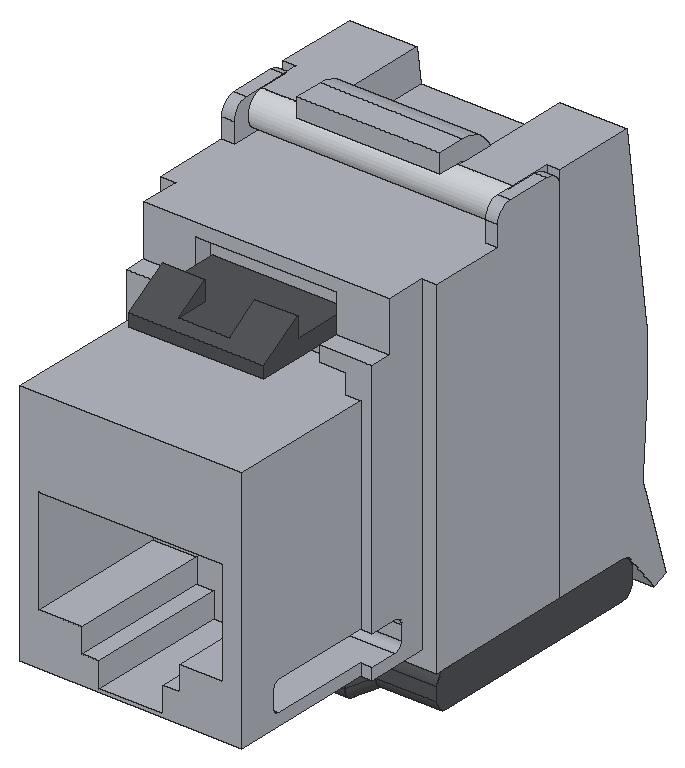
Revit family "RJ45 STP_FRA", category Equipement spécialisé, Revit 2020
Family settings
  Cote de connecteur circulaire = Utiliser le diamètre
  Type d'élément = Normal
  Basée sur le plan de construction = Non
  Toujours verticalement = Oui
  Couper avec des vides une fois chargée = Non
  Partagée = Oui
  Point de calcul de pièce = Non
Parameters (values of type "Connecteur RJ45 Catégorie 6A STP (lot de 24)")
  Type de connecteur = "RJ45"
  Température de stockage = "-10_à_70"
  Température de fonctionnement = "-10_à_60"
  Section AWG = "23-26"
  Référence Legrand = "632905"
  Profondeur = 34 mm
  Lien e-catalogue = "https://www.legrand.fr/reference/632905/pro"
  Libellé BIM = "Connecteur RJ45 Catégorie 6A STP (lot de 24)"
  Largeur (mm) = 18 mm
  IP = "IP20"
  IK = "IK04"
  Hauteur = 31 mm
  Fonction = "Prises murales RJ45"
  Elévation par défaut = 0 mm
  EAN = "3414972227216"
  Diamètre max du câble en entrée = "9MM"
  Couleur = IDS_ARGENT
  Classe ETIM = "EC001121"
  Catégorie = "6A"
  Blindé = yes
Types (3, lengths in mm): name | Référence Legrand | Lien e-catalogue | Libellé BIM | EAN | Catégorie
  Connecteur RJ45 Catégorie 6A STP (lot de 24) | "632905" | "https://www.legrand.fr/reference/632905/pro" | "Connecteur RJ45 Catégorie 6A STP (lot de 24)" | "3414972227216" | "6A"
  Connecteur RJ45 Catégorie 6 STP (lot de 24) | "632907" | "https://www.legrand.fr/reference/632907/pro" | "Connecteur RJ45 Catégorie 6 STP (lot de 24)" | "3414972227254" | "6"
  Connecteur RJ45 Catégorie 5e STP (lot de 24) | "632910" | "https://www.legrand.fr/reference/632910/pro" | "Connecteur RJ45 Catégorie 5e STP (lot de 24)" | "3414972227315" | "5e"
Reference planes
  plane 1 "Centre (avant/arrière)": y = 106
  plane 2: z = 0
  plane 3: x = 0
  plane 4: z = 16.075
  plane 5: x = 14.47
  plane 6: y = 115.65
  plane 7: x = 1.24
  plane 8: x = 13.23
  plane 9: z = 10.32
  plane 10: z = 3.44
  plane 11: z = 0.2
  plane 12: x = 5.16
  plane 13: x = 9.31
  plane 14: z = 1.86
  plane 15: x = 4.06
  plane 16: x = 10.41
  plane 17: y = 119.65
  plane 18: z = 21.675
  plane 19: z = -1
  plane 20: y = 117.05
  plane 21: z = 18.375
  plane 22: x = -0.765
  plane 23: x = 15.235
  plane 24: x = 7.235
  plane 25: z = 24
  plane 26: y = 129.65
  plane 27: y = 124.65
  plane 28: x = -1.765
  plane 29: x = 16.235
  plane 30: x = -0.94
  plane 31: x = 15.41
  plane 32: x = 7.235
  plane 33: z = 25.375
  plane 34: z = 24.125
  plane 35: y = 125.35
  plane 36: y = 126.85
  plane 37: z = 22.9
  plane 38: y = 131.35
  plane 39: y = 127.35
  plane 40: z = -4.8
  plane 41: y = 128.15
  plane 42: z = 22.875
  plane 43: y = 126.85
  plane 44: y = 136.75
  plane 45: z = 12.175
  plane 46: z = 8
  plane 47: y = 136.35
  plane 48: z = 3.25
  plane 49: y = 138.3
  plane 50: z = -3.3
  plane 51: y = 137.3
  plane 52: z = -3.7
  plane 53: y = 123.65
  plane 54: z = 10.5
  plane 55: z = -3.44
  plane 56: y = 135.55
  plane 57: z = -3.44
  plane 58: y = 135.55
  plane 59: z = -4.8
  plane 60: y = 108.5
  plane 61: z = 18.2
  plane 62: z = 19.4
  plane 63: y = 114.05
  plane 64: y = 111.35
  plane 65: z = 20.7
  plane 66: y = 113.65
  plane 67: z = 19
  plane 68: y = 114.2
  plane 69: z = -1.5
  plane 70: y = 111.3
Forms (mm)
  Extrusion 1, solid, material "IDS_ARGENT" <- "Couleur"
    sketch origin (0, 106, 0) x (1, 0, 0) y (0, 0, 1)
      loop
        line (0, 0) -> (14.47, 0) -> (14.47, 16.075) -> (0, 16.075) -> (0, 0)
    from 0 to -9.65
  Extrusion 2, void
    sketch origin (0, 106, 0) x (-1, 0, 0) y (0, 0, 1)
      loop
        line (-1.24, 3.44) -> (-1.24, 10.32) -> (-13.23, 10.32) -> (-13.23, 3.44) -> (-10.41, 3.44) -> (-10.41, 1.86) -> (-9.31, 1.86) -> (-9.31, 0.2) -> (-5.16, 0.2) -> (-5.16, 1.86) -> (-4.06, 1.86) -> (-4.06, 3.44) -> (-1.24, 3.44)
    from 0 to 9.3
  Extrusion 3, solid, material "IDS_ARGENT" <- "Couleur"
    sketch origin (-0.765, -1524, -4.284) x (0, 0, -1) y (0, -1, 0)
      loop
        line (-4.284, -1639.65) -> (-22.659, -1639.65) -> (-22.659, -1641.05) -> (-25.959, -1641.05) -> (-25.959, -1643.65) -> (-4.284, -1643.65) -> (-4.284, -1639.65)
    from 0 to -16
  Extrusion 4, void
    sketch origin (-27.014, 115.65, 1200) x (1, 0, 0) y (0, 0, 1)
      loop
        line (27.949, -1183.925) -> (40.549, -1183.925) -> (40.549, -1182.625) -> (38.849, -1182.625) -> (38.849, -1179.125) -> (29.649, -1179.125) -> (29.649, -1182.625) -> (27.949, -1182.625) -> (27.949, -1183.925)
    from 0 to -2.5
  Extrusion 5, solid, material "IDS_ARGENT" <- "Couleur"
    sketch origin (-1.765, -1524, -2.503) x (0, 0, -1) y (0, -1, 0)
      loop
        line (-1.503, -1653.65) -> (-1.503, -1643.65) -> (-24.178, -1643.65) -> (-24.178, -1648.65) -> (-25.503, -1648.65)
        arc (-25.503, -1648.65) -> (-26.21, -1648.943) -> (-26.503, -1649.65) r 1
        line (-26.503, -1649.65) -> (-26.503, -1652.65)
        arc (-26.503, -1652.65) -> (-26.21, -1653.357) -> (-25.503, -1653.65) r 1
        line (-25.503, -1653.65) -> (-1.503, -1653.65)
    from 0 to -18
  Extrusion 6, void
    sketch origin (0, 124.65, 27.667) x (0, 0, -1) y (-1, 0, 0)
      loop
        line (5.992, 0.94) -> (3.667, 0.94) -> (3.667, -15.41) -> (5.992, -15.41) -> (5.992, 0.94)
    from 0 to 5
  Extrusion 7, solid, material "IDS_ARGENT" <- "Couleur"
    sketch origin (7.235, -1524, 28.784) x (0, 0, 1) y (0, -1, 0)
      loop
        line (-7.109, -1650.85) -> (-7.109, -1653.65) -> (-5.809, -1653.65)
        arc (-5.809, -1653.65) -> (-4.112, -1652.947) -> (-3.409, -1651.25) r 2.4
        line (-3.409, -1651.25) -> (-3.409, -1649.35) -> (-4.659, -1649.35) -> (-4.659, -1650.85)
        arc (-4.659, -1650.85) -> (-5.884, -1652.075) -> (-7.109, -1650.85) r 1.225
    from -4.65 to 4.65
  Extrusion 8, solid, material "IDS_ARGENT" <- "Couleur"
    sketch origin (7.235, -1524, 28.784) x (0, 0, 1) y (0, -1, 0)
      loop
        line (-28.784, -1655.35) -> (-28.784, -1651.35) -> (-32.824, -1651.405)
        arc (-32.824, -1651.405) -> (-33.277, -1651.703) -> (-33.584, -1652.15) r 1.4
        line (-33.584, -1652.15) -> (-33.584, -1654.85)
        arc (-33.584, -1654.85) -> (-33.437, -1655.204) -> (-33.084, -1655.35) r 0.5
        line (-33.084, -1655.35) -> (-28.784, -1655.35)
    from -5 to 5
  Extrusion 9, solid
    sketch origin (7.235, -1524, 28.784) x (0, 0, 1) y (0, -1, 0)
      loop
        circle (-5.909, -1650.85) r 1.15
    from -8.175 to 8.175
  Extrusion 10, solid, material "IDS_ARGENT" <- "Couleur"
    sketch origin (7.235, -1524, 28.784) x (0, 0, 1) y (0, -1, 0)
      loop
        line (-29.784, -1653.65) -> (-29.784, -1659.2) -> (-32.484, -1661.3) -> (-32.084, -1662.3) -> (-26.482, -1660.565)
        arc (-26.482, -1660.565) -> (-26.012, -1660.46) -> (-25.534, -1660.413) r 4
        line (-25.534, -1660.413) -> (-20.73, -1660.75) -> (-17.147, -1660.75)
        arc (-17.147, -1660.75) -> (-16.613, -1660.714) -> (-16.089, -1660.608) r 4
        line (-16.089, -1660.608) -> (-4.759, -1659.1) -> (-4.759, -1650.85)
        arc (-4.759, -1650.85) -> (-5.909, -1649.7) -> (-7.059, -1650.85) r 1.15
        line (-7.059, -1650.85) -> (-7.059, -1653.65) -> (-29.784, -1653.65)
    from -9 to 9
  Extrusion 11, void
    sketch origin (-1.765, -1524, -2.503) x (0, 0, 1) y (0, -1, 0)
      loop
        line (24.228, -1653.65) -> (26.528, -1653.65) -> (26.528, -1650.85)
        arc (26.528, -1650.85) -> (25.378, -1649.7) -> (24.228, -1650.85) r 1.15
        line (24.228, -1650.85) -> (24.228, -1653.65)
    from 0.825 to 0
  Extrusion 12, void
    sketch origin (16.235, -1524, 29.162) x (0, 0, -1) y (0, -1, 0)
      loop
        line (5.137, -1650.85) -> (5.137, -1653.65) -> (7.437, -1653.65) -> (7.437, -1650.85)
        arc (7.437, -1650.85) -> (6.287, -1649.7) -> (5.137, -1650.85) r 1.15
    from 0 to 0.825
  Extrusion 13, void
    sketch origin (7.235, -1524, 28.784) x (0, 0, -1) y (0, -1, 0)
      loop
        line (4.759, -1659.1) -> (7.059, -1659.406) -> (7.059, -1650.85)
        arc (7.059, -1650.85) -> (5.909, -1652) -> (4.759, -1650.85) r 1.15
        line (4.759, -1650.85) -> (4.759, -1659.1)
    from -4.65 to 4.65
  Extrusion 14, void
    sketch origin (0, 123.65, 24.886) x (0, 0, -1) y (-1, 0, 0)
      loop
        circle (14.386, -7.235) r 4.9
    from 0 to 26.097
  Extrusion 15, solid, material "IDS_ARGENT" <- "Couleur"
    sketch origin (7.235, -1524, 28.784) x (0, 0, 1) y (0, -1, 0)
      loop
        line (-29.784, -1655.35) -> (-33.384, -1655.35) -> (-34.205, -1660.007)
        arc (-34.205, -1660.007) -> (-33.951, -1660.533) -> (-33.371, -1660.46) r 0.5
        line (-33.371, -1660.46) -> (-29.784, -1657.114) -> (-29.784, -1655.35)
    from -5 to 5
  Extrusion 16, solid, material "IDS_NOIR"
    sketch origin (2.235, -1524, 28.784) x (0, 0, -1) y (0, -1, 0)
      loop
        line (32.224, -1658.75) -> (32.224, -1644.45)
        arc (32.224, -1644.45) -> (31.989, -1643.884) -> (31.424, -1643.65) r 0.8
        line (31.424, -1643.65) -> (30.584, -1643.65)
        arc (30.584, -1643.65) -> (30.018, -1643.884) -> (29.784, -1644.45) r 0.8
        line (29.784, -1644.45) -> (29.784, -1658.75)
        arc (29.784, -1658.75) -> (30.018, -1659.316) -> (30.584, -1659.55) r 0.8
        line (30.584, -1659.55) -> (31.424, -1659.55)
        arc (31.424, -1659.55) -> (31.989, -1659.316) -> (32.224, -1658.75) r 0.8
    from 0 to 4
  Extrusion 17, solid, material "IDS_NOIR"
    sketch origin (12.235, -1524, 28.784) x (0, 0, -1) y (0, 1, 0)
      loop
        arc (32.224, 1658.75) -> (31.989, 1659.316) -> (31.424, 1659.55) r 0.8
        line (31.424, 1659.55) -> (30.584, 1659.55)
        arc (30.584, 1659.55) -> (30.018, 1659.316) -> (29.784, 1658.75) r 0.8
        line (29.784, 1658.75) -> (29.784, 1644.45)
        arc (29.784, 1644.45) -> (30.018, 1643.884) -> (30.584, 1643.65) r 0.8
        line (30.584, 1643.65) -> (31.424, 1643.65)
        arc (31.424, 1643.65) -> (31.989, 1643.884) -> (32.224, 1644.45) r 0.8
        line (32.224, 1644.45) -> (32.224, 1658.75)
    from 0 to 4
  Extrusion 18, solid, material "IDS_NOIR"
    sketch origin (7.235, -1524, 28.784) x (0, 0, 1) y (0, -1, 0)
      loop
        line (-29.784, -1658.75) -> (-29.784, -1657.95)
        arc (-29.784, -1657.95) -> (-30.018, -1657.384) -> (-30.584, -1657.15) r 0.8
        line (-30.584, -1657.15) -> (-31.424, -1657.15)
        arc (-31.424, -1657.15) -> (-31.989, -1657.384) -> (-32.224, -1657.95) r 0.8
        line (-32.224, -1657.95) -> (-32.224, -1658.75)
        arc (-32.224, -1658.75) -> (-31.989, -1659.316) -> (-31.424, -1659.55) r 0.8
        line (-31.424, -1659.55) -> (-30.584, -1659.55)
        arc (-30.584, -1659.55) -> (-30.018, -1659.316) -> (-29.784, -1658.75) r 0.8
    from -5 to 5
  Extrusion 19, solid, material "IDS_NOIR"
    sketch origin (7.235, -1524, 28.784) x (0, 0, 1) y (0, -1, 0)
      loop
        arc (-31.034, -1644.45) -> (-31.268, -1643.884) -> (-31.834, -1643.65) r 0.8
        line (-31.834, -1643.65) -> (-32.784, -1643.65)
        arc (-32.784, -1643.65) -> (-33.349, -1643.884) -> (-33.584, -1644.45) r 0.8
        line (-33.584, -1644.45) -> (-33.584, -1650.55)
        arc (-33.584, -1650.55) -> (-33.349, -1651.116) -> (-32.784, -1651.35) r 0.8
        line (-32.784, -1651.35) -> (-31.834, -1651.35)
        arc (-31.834, -1651.35) -> (-31.268, -1651.116) -> (-31.034, -1650.55) r 0.8
        line (-31.034, -1650.55) -> (-31.034, -1644.45)
    from -3 to 3
  SweptBlend 20, solid, material "IDS_NOIR"
    path origin (7.235, 119.65, -4) x (0, 0, 1) y (-1, 0, 0)
      loop
        line (0.95, 3) -> (0.95, 5)
    profile origin (4.235, 119.65, -3.05) x (0, 0, -1) y (0, -1, 0)
      loop
        line (-0.8, -0.8) -> (-0.8, -6.9)
        arc (-0.8, -6.9) -> (-0.566, -7.466) -> (0, -7.7) r 0.8
        line (0, -7.7) -> (0.95, -7.7)
        arc (0.95, -7.7) -> (1.516, -7.466) -> (1.75, -6.9) r 0.8
        line (1.75, -6.9) -> (1.75, -0.8)
        arc (1.75, -0.8) -> (1.516, -0.234) -> (0.95, 0) r 0.8
        line (0.95, 0) -> (0, 0)
        arc (0, 0) -> (-0.566, -0.234) -> (-0.8, -0.8) r 0.8
    end profile origin (2.235, 119.65, -3.05) x (0, 0, -1) y (0, -1, 0)
      loop
        line (-0.41, 0) -> (-1.25, 0)
        arc (-1.25, 0) -> (-1.816, -0.234) -> (-2.05, -0.8) r 0.8
        line (-2.05, -0.8) -> (-2.05, -6.9)
        arc (-2.05, -6.9) -> (-1.816, -7.466) -> (-1.25, -7.7) r 0.8
        line (-1.25, -7.7) -> (-0.41, -7.7)
        arc (-0.41, -7.7) -> (0.156, -7.466) -> (0.39, -6.9) r 0.8
        line (0.39, -6.9) -> (0.39, -0.8)
        arc (0.39, -0.8) -> (0.156, -0.234) -> (-0.41, 0) r 0.8
  SweptBlend 21, solid, material "IDS_NOIR"
    path origin (7.235, 119.65, -4) x (0, 0, 1) y (-1, 0, 0)
      loop
        line (0.886, -3) -> (0.886, -5)
    profile origin (10.235, 119.65, -3.114) x (0, 0, 1) y (0, -1, 0)
      loop
        line (-1.686, -0.8) -> (-1.686, -6.9)
        arc (-1.686, -6.9) -> (-1.452, -7.466) -> (-0.886, -7.7) r 0.8
        line (-0.886, -7.7) -> (0.064, -7.7)
        arc (0.064, -7.7) -> (0.629, -7.466) -> (0.864, -6.9) r 0.8
        line (0.864, -6.9) -> (0.864, -0.8)
        arc (0.864, -0.8) -> (0.629, -0.234) -> (0.064, 0) r 0.8
        line (0.064, 0) -> (-0.886, 0)
        arc (-0.886, 0) -> (-1.452, -0.234) -> (-1.686, -0.8) r 0.8
    end profile origin (12.235, 119.65, -3.114) x (0, 0, 1) y (0, -1, 0)
      loop
        arc (0.474, 0) -> (-0.092, -0.234) -> (-0.326, -0.8) r 0.8
        line (-0.326, -0.8) -> (-0.326, -6.9)
        arc (-0.326, -6.9) -> (-0.092, -7.466) -> (0.474, -7.7) r 0.8
        line (0.474, -7.7) -> (1.314, -7.7)
        arc (1.314, -7.7) -> (1.879, -7.466) -> (2.114, -6.9) r 0.8
        line (2.114, -6.9) -> (2.114, -0.8)
        arc (2.114, -0.8) -> (1.879, -0.234) -> (1.314, 0) r 0.8
        line (1.314, 0) -> (0.474, 0)
  Extrusion 22, void
    sketch origin (14.47, 106, 0) x (0, 0, -1) y (0, -1, 0)
      loop
        arc (-0.75, -3.03) -> (-0.896, -2.676) -> (-1.25, -2.53) r 0.5
        line (-1.25, -2.53) -> (-2.225, -2.53)
        arc (-2.225, -2.53) -> (-2.579, -2.676) -> (-2.725, -3.03) r 0.5
        line (-2.725, -3.03) -> (-2.725, -11.53)
        arc (-2.725, -11.53) -> (-2.579, -11.884) -> (-2.225, -12.03) r 0.5
        line (-2.225, -12.03) -> (-1.25, -12.03)
        arc (-1.25, -12.03) -> (-0.896, -11.884) -> (-0.75, -11.53) r 0.5
        line (-0.75, -11.53) -> (-0.75, -3.03)
    from -0.765 to 2.76
  Extrusion 23, void
    sketch origin (0, 106, 0) x (0, 0, -1) y (0, 1, 0)
      loop
        line (-0.75, 3) -> (-0.75, 11.5)
        arc (-0.75, 11.5) -> (-0.896, 11.854) -> (-1.25, 12) r 0.5
        line (-1.25, 12) -> (-2.225, 12)
        arc (-2.225, 12) -> (-2.579, 11.854) -> (-2.725, 11.5) r 0.5
        line (-2.725, 11.5) -> (-2.725, 3)
        arc (-2.725, 3) -> (-2.579, 2.646) -> (-2.225, 2.5) r 0.5
        line (-2.225, 2.5) -> (-1.25, 2.5)
        arc (-1.25, 2.5) -> (-0.896, 2.646) -> (-0.75, 3) r 0.5
    from -0.765 to 2.76
  Extrusion 24, solid, material "IDS_NOIR"
    sketch origin (7.235, -1524, 28.784) x (0, 0, 1) y (0, -1, 0)
      loop
        line (-10.584, -1642.15) -> (-9.384, -1642.15) -> (-9.384, -1638.05) -> (-8.084, -1638.05) -> (-9.784, -1635.35) -> (-10.584, -1635.35) -> (-10.584, -1642.15)
    from -4.4 to 4.4
  Extrusion 25, void
    sketch origin (7.235, 118.15, 19.4) x (1, 0, 0) y (0, -1, 0)
      loop
        line (-1.65, 6.8) -> (-1.65, 4.1) -> (1.65, 4.1) -> (1.65, 6.8) -> (-1.65, 6.8)
    from -1.3 to 0
  Extrusion 26, solid, material "IDS_ARGENT" <- "Couleur"
    sketch origin (7.235, -1524, 28.784) x (0, 0, 1) y (0, -1, 0)
      loop
        line (-28.784, -1638.2) -> (-28.784, -1635.3) -> (-30.284, -1638.2) -> (-28.784, -1638.2)
    from -5.25 to 5.25
Cuts and joins
  Extrusion 2, Extrusion 4, Extrusion 14, Extrusion 22, Extrusion 23 cuts Extrusion 1
  Extrusion 4, Extrusion 14, Extrusion 22, Extrusion 23 cuts Extrusion 3
  Extrusion 6, Extrusion 22, Extrusion 23 cuts Extrusion 5
  joined: Extrusion 1, Extrusion 3, Extrusion 5, Extrusion 26
  Extrusion 11, Extrusion 13 cuts Extrusion 9
  Extrusion 11, Extrusion 12, Extrusion 13, Extrusion 14 cuts Extrusion 10
  joined: Extrusion 16, Extrusion 17, Extrusion 18, Extrusion 19
  joined: SweptBlend 20, SweptBlend 21
  Extrusion 25 cuts Extrusion 24
Dimensions and locks
  locked: plane 4 to level at 16.075
  locked: plane 5 to plane 3 at 14.47
  locked: plane 1 "Centre (avant/arrière)" to plane 6 at 9.65
  plane 7 to plane 3 = 1.24 mm
  plane 5 to plane 8 = 1.24 mm
  plane 11 to level = 0.2 mm
  plane 15 to plane 7 = 2.82 mm
  plane 8 to plane 16 = 2.82 mm
  plane 12 to plane 15 = 1.1 mm
  plane 16 to plane 13 = 1.1 mm
  plane 14 to plane 11 = 1.66 mm
  plane 10 to plane 14 = 1.58 mm
  plane 9 to plane 10 = 6.88 mm
  plane 17 to plane 6 = 4 mm
  locked: plane 18 to plane 4 at 5.6
  plane 21 to plane 4 = 2.3 mm
  plane 20 to plane 6 = 1.4 mm
  locked: plane 22 to plane 3 at 0.765
  locked: plane 5 to plane 23 at 0.765
  equal spacing: plane 22, plane 24, plane 23
  equal spacing: Extrusion 4 sketch curve, plane 24, Extrusion 4 sketch curve  (x2)
  Extrusion 4 sketch curve to Extrusion 4 sketch curve to plane 4 = 3.5 mm, 1.3 mm
  plane 24 to Extrusion 4 sketch curve = 6.3 mm
  plane 24 to Extrusion 4 sketch curve = 4.6 mm
  locked: level to plane 19 at 1
  plane 26 to plane 17 = 10 mm
  plane 26 to plane 27 = 5 mm
  locked: plane 28 to plane 22 at 1
  locked: plane 29 to plane 23 at 1
  plane 28 to plane 30 = 0.825 mm
  plane 29 to plane 31 = 0.825 mm
  plane 25 to plane 18 = 2.325 mm
  equal spacing: plane 28, plane 32, plane 29, locked at 9 each
  plane 33 to plane 18 = 3.7 mm
  plane 33 to plane 34 = 1.25 mm
  plane 26 to plane 35 = 4.3 mm
  plane 36 to plane 35 = 1.5 mm
  equal spacing: plane 34, plane 37, cut or joined group 1 (Extrusion 1, Extrusion 2, Extrusion 3, Extrusion 4, Extrusion 5, Extrusion 6, Extrusion 14, Extrusion 22, Extrusion 23, Extrusion 26)
  locked: plane 38 to cut or joined group 1 at 1.7
  plane 38 to plane 39 = 4 mm
  plane 38 to plane 41 = 3.2 mm
  plane 42 to plane 18 = 1.2 mm
  Extrusion 10 sketch curve to cut or joined group 1 = 5.45 mm
  plane 19 to plane 48 = 4.25 mm
  plane 46 to plane 19 = 9 mm
  plane 25 to plane 45 = 11.825 mm
  plane 44 to cut or joined group 1 = 7.1 mm
  plane 47 to cut or joined group 1 = 6.7 mm
  cut or joined group 1 to plane 49 = 8.65 mm
  plane 19 to plane 50 = 2.3 mm
  plane 19 to plane 52 = 2.7 mm
  plane 26 to plane 53 = 6 mm
  plane 54 to plane 25 = 13.5 mm
  plane 19 to Extrusion 15 sketch curve = 3.6 mm
  plane 19 to plane 40 = 3.8 mm
  plane 55 to cut or joined group of Extrusion 10, Extrusion 11, Extrusion 12, Extrusion 13, Extrusion 14 = 2.44 mm
  plane 56 to plane 17 = 15.9 mm
  plane 19 to Extrusion 19 sketch curve = 1.25 mm
  cut or joined group 1 to Extrusion 22 sketch curve = 0.75 mm
  Extrusion 22 sketch curve to Extrusion 22 sketch curve = 1.975 mm
  Extrusion 22 sketch curve to cut or joined group 1 = 2.53 mm
  Extrusion 22 sketch curve to Extrusion 22 sketch curve = 9.5 mm
  Extrusion 23 sketch curve to Extrusion 23 sketch curve = 1.975 mm
  Extrusion 23 sketch curve to Extrusion 23 sketch curve = 9.5 mm
  plane 60 to plane 1 "Centre (avant/arrière)" = 2.5 mm
  plane 26 to plane 43 = 2.8 mm
  plane 61 to level = 18.2 mm
  plane 62 to plane 61 = 1.2 mm
  cut or joined group 1 to plane 64 = 5.7 mm
  cut or joined group 1 to plane 63 = 3 mm
  plane 65 to plane 62 = 1.3 mm
  plane 67 to plane 61 = 0.8 mm
  equal spacing: Extrusion 25 sketch curve, plane 32, Extrusion 25 sketch curve
  plane 32 to Extrusion 25 sketch curve = 1.65 mm
  plane 68 to plane 1 "Centre (avant/arrière)" = 8.2 mm
  radius of Extrusion 9 sketch curve = 1.15 mm
  angle Extrusion 15 sketch curve to Extrusion 15 sketch curve = 100.00°
  angle Extrusion 15 sketch curve to Extrusion 15 sketch curve = 37.00°
  aligned and locked: level to plane 2
  aligned and locked: plane 2 to Extrusion 1 sketch curve
  aligned and locked: plane 3 to Extrusion 1 sketch curve
  aligned and locked: Extrusion 1 sketch curve to plane 4
  aligned and locked: plane 5 to Extrusion 1 sketch curve
  aligned and locked: plane 6 to Extrusion 1
  aligned and locked: Extrusion 2 sketch curve to plane 7
  aligned and locked: plane 9 to Extrusion 2 sketch curve
  aligned and locked: plane 8 to Extrusion 2 sketch curve
  aligned and locked: Extrusion 2 sketch curve to plane 10  (x2)
  aligned and locked: plane 16 to Extrusion 2 sketch curve
  aligned and locked: Extrusion 2 sketch curve to plane 14  (x2)
  aligned and locked: plane 13 to Extrusion 2 sketch curve
  aligned and locked: Extrusion 2 sketch curve to plane 11
  aligned and locked: plane 12 to Extrusion 2 sketch curve
  aligned and locked: Extrusion 2 sketch curve to plane 15
  aligned and locked: Extrusion 3 sketch curve to plane 17
  aligned and locked: plane 18 to Extrusion 3 sketch curve
  aligned and locked: Extrusion 3 sketch curve to plane 20
  aligned and locked: plane 21 to Extrusion 3 sketch curve
  aligned and locked: Extrusion 3 sketch curve to plane 6
  aligned and locked: plane 23 to Extrusion 3
  aligned and locked: Extrusion 4 sketch curve to Extrusion 4 sketch curve
  aligned and locked: Extrusion 4 sketch curve to plane 4
  aligned and locked: Extrusion 5 sketch curve to plane 26
  aligned and locked: plane 25 to Extrusion 5 sketch curve
  aligned and locked: plane 27 to Extrusion 5 sketch curve
  aligned and locked: Extrusion 5 sketch curve to plane 18
  aligned and locked: Extrusion 5 sketch curve to Extrusion 3
  aligned and locked: Extrusion 5 sketch curve to plane 19
  aligned and locked: plane 29 to Extrusion 5
  aligned and locked: plane 18 to Extrusion 6 sketch curve
  aligned and locked: plane 30 to Extrusion 6 sketch curve
  aligned and locked: Extrusion 6 sketch curve to plane 25
  aligned and locked: Extrusion 6 sketch curve to plane 31
  aligned and locked: Extrusion 6 to plane 26
  aligned and locked: Extrusion 7 sketch curve to cut or joined group 1
  aligned and locked: cut or joined group 1 to Extrusion 7 sketch curve
  aligned and locked: plane 33 to Extrusion 7 sketch curve
  aligned and locked: Extrusion 7 sketch curve to plane 35
  aligned and locked: plane 34 to Extrusion 7 sketch curve
  aligned and locked: plane 38 to Extrusion 8 sketch curve
  aligned and locked: plane 41 to Extrusion 8 sketch curve
  aligned and locked: plane 40 to Extrusion 8 sketch curve
  aligned and locked: Extrusion 8 sketch curve to level
  aligned and locked: Extrusion 9 to cut or joined group 1
  aligned and locked: cut or joined group 1 to Extrusion 9
  aligned and locked: Extrusion 10 sketch curve to plane 26
  aligned and locked: Extrusion 10 sketch curve to Extrusion 9
  aligned and locked: plane 44 to Extrusion 10 sketch curve
  aligned and locked: plane 48 to Extrusion 10 sketch curve
  aligned and locked: plane 50 to Extrusion 10 sketch curve
  aligned and locked: cut or joined group 1 to Extrusion 10 sketch curve
  aligned and locked: plane 51 to Extrusion 10 sketch curve
  aligned and locked: plane 29 to Extrusion 10
  aligned and locked: plane 28 to Extrusion 10
  aligned and locked: Extrusion 11 sketch curve to Extrusion 10  (x2)
  aligned and locked: Extrusion 11 sketch curve to Extrusion 7
  aligned and locked: Extrusion 11 to cut or joined group 1
  aligned and locked: Extrusion 12 to cut or joined group 1
  aligned and locked: Extrusion 13 sketch curve to cut or joined group of Extrusion 10, Extrusion 11, Extrusion 12, Extrusion 13, Extrusion 14  (x3)
  aligned and locked: Extrusion 13 sketch curve to cut or joined group of Extrusion 9, Extrusion 11, Extrusion 13
  aligned and locked: Extrusion 13 to Extrusion 7
  aligned and locked: Extrusion 7 to Extrusion 13
  aligned and locked: plane 38 to Extrusion 15 sketch curve
  aligned and locked: plane 19 to Extrusion 15 sketch curve
  aligned and locked: plane 55 to Extrusion 16 sketch curve
  aligned and locked: Extrusion 16 sketch curve to plane 56
  aligned and locked: cut or joined group 1 to Extrusion 16 sketch curve
  aligned and locked: Extrusion 16 sketch curve to cut or joined group 1
  aligned and locked: Extrusion 8 to Extrusion 15
  aligned and locked: Extrusion 15 to Extrusion 8
  aligned and locked: plane 28 to Extrusion 16
  aligned and locked: plane 57 to Extrusion 17 sketch curve
  aligned and locked: plane 58 to Extrusion 17 sketch curve
  aligned and locked: plane 29 to Extrusion 17
  aligned and locked: Extrusion 17 to Extrusion 8
  aligned and locked: Extrusion 18 sketch curve to Extrusion 16
  aligned and locked: Extrusion 16 to Extrusion 18 sketch curve
  aligned and locked: plane 19 to Extrusion 18 sketch curve
  aligned and locked: Extrusion 8 to Extrusion 18  (x2)
  aligned and locked: plane 59 to Extrusion 8
  aligned and locked: plane 59 to Extrusion 19 sketch curve
  aligned and locked: SweptBlend 20 sketch curve to Extrusion 19  (x4)
  aligned and locked: SweptBlend 20 sketch curve to Extrusion 16  (x2)
  aligned and locked: SweptBlend 21 sketch curve to Extrusion 19  (x4)
  aligned and locked: SweptBlend 21 sketch curve to Extrusion 17  (x2)
  aligned and locked: Extrusion 3 to Extrusion 23
  aligned and locked: Extrusion 22 to Extrusion 3
  aligned and locked: plane 60 to Extrusion 23 sketch curve
  aligned and locked: cut or joined group 1 to Extrusion 24 sketch curve
  aligned and locked: plane 62 to Extrusion 24 sketch curve
  aligned and locked: plane 63 to Extrusion 24 sketch curve
  aligned and locked: plane 61 to Extrusion 24 sketch curve
  aligned and locked: plane 67 to Extrusion 24 sketch curve
  aligned and locked: Extrusion 24 sketch curve to plane 64
  aligned and locked: plane 68 to Extrusion 26 sketch curve
  aligned and locked: Extrusion 26 sketch curve to level
Automatic sketch dimensions
  Extrusion 3 sketch curve to level = 0 mm
  Extrusion 5 sketch curve to plane 25 = 1 mm  (x2)
  Extrusion 7 sketch curve to plane 36 = 0 mm  (x2)
  plane 37 to Extrusion 7 sketch curve = 0.075 mm
  Extrusion 8 sketch curve to plane 39 = 0 mm
  Extrusion 8 sketch curve to Extrusion 8 sketch curve = 0.5 mm
  Extrusion 8 sketch curve to plane 39 = 0.055 mm
  plane 40 to Extrusion 8 sketch curve = 0.759 mm
  Extrusion 8 sketch curve to plane 41 = 0.553 mm
  Extrusion 9 sketch curve to plane 42 = 0 mm
  Extrusion 9 sketch curve to plane 43 = 0 mm
  Extrusion 10 sketch curve to plane 52 = 0 mm
  Extrusion 10 sketch curve to plane 49 = 0 mm
  plane 44 to Extrusion 10 sketch curve = 0.185 mm
  Extrusion 10 sketch curve to plane 48 = 0.948 mm
  plane 48 to Extrusion 10 sketch curve = 0.156 mm
  plane 46 to Extrusion 10 sketch curve = 0.054 mm
  Extrusion 10 sketch curve to plane 45 = 0.539 mm
  plane 44 to Extrusion 10 sketch curve = 0.142 mm
  Extrusion 10 sketch curve to Extrusion 10 sketch curve = 1.058 mm
  plane 49 to Extrusion 10 sketch curve = 2.109 mm
  plane 47 to Extrusion 10 sketch curve = 1.15 mm
  Extrusion 12 sketch curve to plane 26 = 0 mm
  plane 25 to Extrusion 12 sketch curve = 0.025 mm
  Extrusion 12 sketch curve to plane 25 = 1.125 mm
  Extrusion 12 sketch curve to plane 27 = 2.2 mm
  Extrusion 13 sketch curve to Extrusion 13 sketch curve = 0 mm  (x2)
  Extrusion 14 sketch curve to plane 32 = 0 mm
  Extrusion 14 sketch curve to plane 54 = 0 mm
  Extrusion 15 sketch curve to plane 19 = 3.929 mm
  Extrusion 15 sketch curve to Extrusion 15 sketch curve = 0.492 mm
  Extrusion 15 sketch curve to Extrusion 15 sketch curve = 0.341 mm
  Extrusion 15 sketch curve to Extrusion 15 sketch curve = 0.087 mm
  Extrusion 16 sketch curve to Extrusion 16 sketch curve = 0.8 mm  (x2)
  Extrusion 16 sketch curve to Extrusion 16 sketch curve = 0.84 mm  (x2)
  Extrusion 17 sketch curve to plane 19 = 0 mm
  Extrusion 17 sketch curve to plane 17 = 0 mm
  Extrusion 17 sketch curve to plane 19 = 0.8 mm
  Extrusion 17 sketch curve to Extrusion 17 sketch curve = 0.8 mm
  plane 57 to Extrusion 17 sketch curve = 0.8 mm  (x2)
  Extrusion 18 sketch curve to Extrusion 18 sketch curve = 0.8 mm  (x3)
  Extrusion 18 sketch curve to plane 19 = 0.8 mm
  Extrusion 18 sketch curve to Extrusion 18 sketch curve = 0 mm
  Extrusion 19 sketch curve to plane 17 = 0 mm
  plane 59 to Extrusion 19 sketch curve = 0.8 mm  (x2)
  Extrusion 19 sketch curve to Extrusion 19 sketch curve = 0.95 mm  (x2)
  Extrusion 19 sketch curve to plane 27 = 1.9 mm
  SweptBlend 20 sketch curve to Extrusion 19 = 0 mm  (x2)
  SweptBlend 20 sketch curve to Extrusion 19 = 2 mm
  SweptBlend 20 sketch curve to SweptBlend 20 sketch curve = 0.8 mm
  profile plane to SweptBlend 20 sketch curve = 0.41 mm
  SweptBlend 20 sketch curve to SweptBlend 20 sketch curve = 6.1 mm
  Extrusion 19 to SweptBlend 21 sketch curve = 0 mm
  Extrusion 19 to SweptBlend 21 sketch curve = 0.064 mm
  SweptBlend 21 sketch curve to Extrusion 19 = 2 mm
  SweptBlend 21 sketch curve to profile plane = 0.474 mm
  SweptBlend 21 sketch curve to SweptBlend 21 sketch curve = 0.84 mm
  SweptBlend 21 sketch curve to SweptBlend 21 sketch curve = 6.1 mm
  Extrusion 22 sketch curve to Extrusion 22 sketch curve = 0.5 mm  (x4)
  level to Extrusion 23 sketch curve = 2.725 mm
  Extrusion 23 sketch curve to Extrusion 23 sketch curve = 0.5 mm  (x4)
  Extrusion 24 sketch curve to plane 65 = 0 mm
  Extrusion 24 to Extrusion 25 sketch curve = 0 mm
  Extrusion 24 to Extrusion 25 sketch curve = 2.7 mm
  Extrusion 26 sketch curve to plane 69 = 0 mm
  Extrusion 26 sketch curve to plane 70 = 0 mm
  radius of Extrusion 14 sketch curve = 4.9 mm
